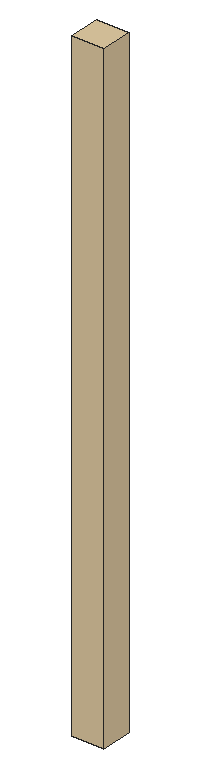
Revit family "Timber-Column", category 구조 기둥, Revit 2026
Family settings
  단면 모양 = 정의되지 않음
  모델 동작 재료 = 목재
  항상 형상으로 내보내기 = 아니오
  평면의 보 전환 = 경계 상자에서
  로드될 때 보이드를 사용하여 절단 = 아니오
  기호 표현 = 프로젝트 설정에서
  공유 = 아니오
  평면도에서 미리 절단된 패밀리 표시 = 예
Parameters (values of type "6x6")
  Structural Material [instance] = Wood - Dimensional Lumber
  A = 30.24 in²
  조합 코드 = "B10"
  Ix = 76.26
  Iy = 76.26
  Sx = 27.73
  Sy = 27.73
  b = 0' - 5 1/2"
  d = 0' - 5 1/2"
Reference planes (in)
  plane 1 "Center (Front/Back)": y = 0
  plane 2: z = 0
  plane 3 "Center (Left/Right)": x = 0
  plane 4: x = -2.75
  plane 5: x = 2.75
  plane 6: y = 2.75
  plane 7: y = -2.75
Forms (in)
  Extrusion 1, solid, material "Wood - Dimensional Lumber" <- "Structural Material", detail levels medium+fine
    sketch origin (0, 0, 0) x (1, 0, 0) y (0, 1, 0)
      loop
        line (-2.75, 2.75) -> (-2.75, -2.75) -> (2.75, -2.75) -> (2.75, 2.75) -> (-2.75, 2.75)
    from 0 to 108
Lines and regions (in)
  symbolic lines, style "StructuralColumnStickSymbols", detail levels coarse
    curve 1: line (-2.75, 2.75, 0) -> (2.75, 2.75, 0)
    curve 2: line (-2.75, -2.75, 0) -> (2.75, -2.75, 0)
    curve 3: line (-2.75, 2.75, 0) -> (-2.75, -2.75, 0)
    curve 4: line (2.75, 2.75, 0) -> (2.75, -2.75, 0)
Dimensions and locks (in)
  equal spacing: plane 4, plane 3 "Center (Left/Right)", plane 5
  equal spacing: plane 7, plane 1 "Center (Front/Back)", plane 6
  "d": plane 7 to plane 6
  "b": plane 4 to plane 5
  aligned and locked: plane 6 to Extrusion 1 sketch curve
  aligned and locked: Extrusion 1 sketch curve to plane 7
  aligned and locked: Extrusion 1 sketch curve to plane 4
  aligned and locked: plane 5 to Extrusion 1 sketch curve
  aligned and locked: level to Extrusion 1
  aligned and locked: level to plane 2
  aligned and locked: Extrusion 1 to plane 2
Automatic sketch dimensions
  curve 3 to plane 4 = 0' - 0"
  curve 4 to plane 5 = 0' - 0"
  curve 3 to plane 7 = 0' - 0"
  curve 3 to plane 6 = 0' - 0"
